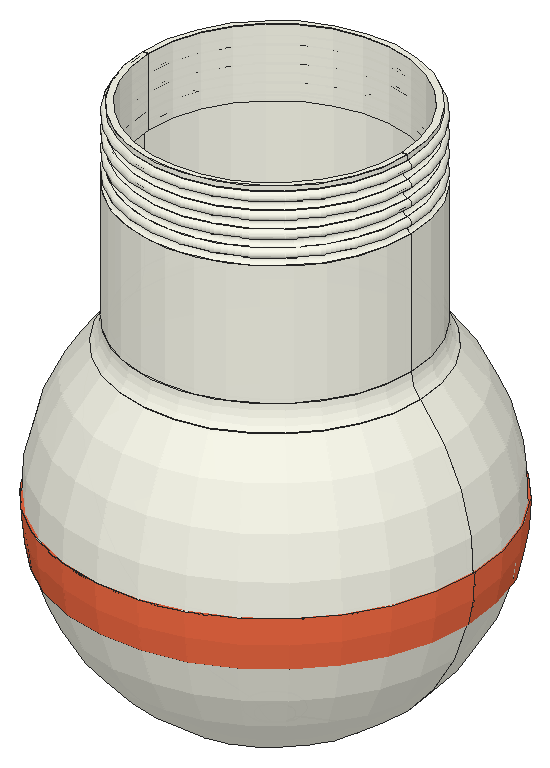
Revit family "BAF.PSRD", category Generic Models, Revit 2024
Family settings
  Can host rebar = No
  Round Connector Dimension = Use Diameter
  Part Type = Normal
  Work Plane-Based = No
  Always vertical = Yes
  Cut with Voids When Loaded = No
  Maintain Annotation Orientation = No
  Shared = No
  Room Calculation Point = No
Parameters
  Default Elevation = 0' - 0"
Reference planes (in)
  plane 1 "Center (Front/Back)": y = 0
  plane 2: z = 0
  plane 3 "Center (Left/Right)": x = 0
Forms (in)
  Revolve 1, solid, material "OPAL"
    sketch origin (0, 0, 0) x (1, 0, 0) y (0, 0, 1)
      loop
        arc (2.031, 28.80429) -> (2.09861, 28.73926) -> (2.03359, 28.67165) r 0.06634
        arc (2.03359, 28.67165) -> (2.05186, 28.62023) -> (2.09863, 28.59212) r 0.08088
        line (2.09863, 28.59212) -> (2.09863, 26.69799)
        arc (2.09863, 26.69799) -> (2.13333, 26.51496) -> (2.23262, 26.35734) r 0.5
        arc (2.23262, 26.35734) -> (2.87032, 23.24802) -> (0.39948, 21.25567) r 3.05
        arc (0.39948, 21.25567) -> (0.35871, 21.24078) -> (0.32809, 21.21001) r 0.1
        arc (0.32809, 21.21001) -> (0.18726, 21.07753) -> (0, 21.02939) r 0.3883
        line (0, 21.02939) -> (0, 21.12314)
        arc (0, 21.12314) -> (0.14205, 21.15966) -> (0.24887, 21.26015) r 0.29455
        arc (0.24887, 21.26015) -> (0.3082, 21.31976) -> (0.3872, 21.34861) r 0.19375
        arc (0.3872, 21.34861) -> (2.78209, 23.27972) -> (2.164, 26.29347) r 2.95625
        arc (2.164, 26.29347) -> (2.04609, 26.48064) -> (2.00488, 26.69799) r 0.59375
        line (2.00488, 26.69799) -> (2.00488, 28.59212) -> (1.94058, 28.59212) -> (1.94058, 29.65599) -> (2.03434, 29.65599) -> (2.03302, 29.57847)
        arc (2.03302, 29.57847) -> (2.10064, 29.51344) -> (2.03561, 29.44583) r 0.06634
        arc (2.03561, 29.44583) -> (1.9729, 29.38422) -> (2.03337, 29.32041) r 0.06273
        arc (2.03337, 29.32041) -> (2.09964, 29.25469) -> (2.0346, 29.18776) r 0.06634
        arc (2.0346, 29.18776) -> (1.97188, 29.12615) -> (2.03236, 29.06235) r 0.06273
        arc (2.03236, 29.06235) -> (2.09862, 28.99663) -> (2.03359, 28.92969) r 0.06634
        arc (2.03359, 28.92969) -> (1.97207, 28.86572) -> (2.03604, 28.8042) r 0.06276
      axis (0, 29.65599) -> (0, 21.02939)
    angle from 0 to 360
  Revolve 2, solid, material "RD"
    sketch origin (0, 0, 0) x (1, 0, 0) y (0, 0, 1)
      loop
        line (2.87842, 23.52862) -> (2.97504, 23.52862)
        arc (2.97504, 23.52862) -> (3.04304, 23.90088) -> (3.06582, 24.27862) r 3.14375
        line (3.06582, 24.27862) -> (2.97207, 24.27862)
        arc (2.97207, 24.27862) -> (2.94856, 23.90071) -> (2.87842, 23.52862) r 3.05
      axis (0, 24.27862) -> (0, 23.52862)
    angle from 0 to 360
Dimensions and locks (in)
  aligned and locked: plane 2 to level
